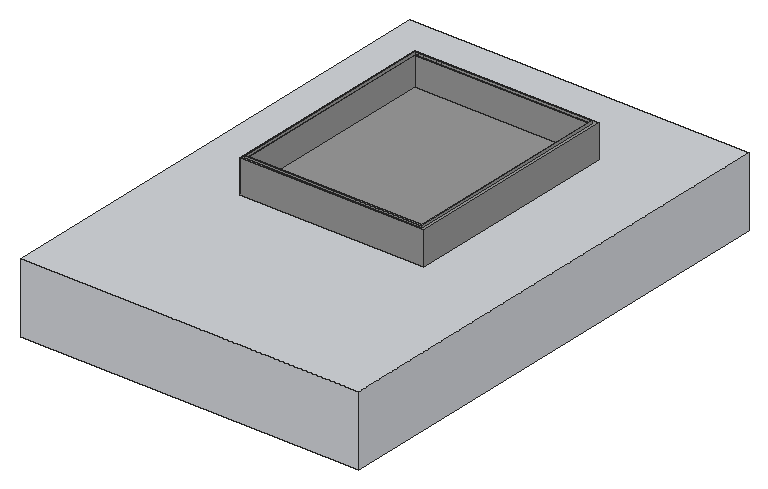
Revit family "Hager-Univers-IP30-D160-Cl.II-FWQ-encl-NL-en", category Equipement électrique, Revit 2020
Family settings
  Hôte = Face
  Configuration du panneau = Deux colonnes, circuits au sein
  Cote de connecteur circulaire = Utiliser le diamètre
  Type d'élément = Tableau de raccordement
  Couper avec des vides une fois chargée = Non
  Partagée = Non
  Point de calcul de pièce = Non
Parameters (values of type "Surface mounted (plaster) IP30 W800 H950 D160  - FWQ63N1")
  Width Control [instance] = if([EF000008 - Width] > Min Width, [EF000008 - Width], Min Width)  # 800 mm
  Commentaires du type = [HG000003 - Range]  # "Univers"
  Thickness Door [instance] = if([EF009171 - Material plate thickness door/cover] > 3 mm, 3 mm, [EF009171 - Material plate thickness door/cover])  # 2 mm
  Seal Frame Offset [instance] = 17 mm  # constant formula
  Plinth Visibility [instance] = [HG000027 - Plinth height] > 0 mm  # no
  Model = ""
  Min Width [instance] = 100 mm  # constant formula
  Min Height [instance] = 100 mm  # constant formula
  Min Depth [instance] = (2 * [EF009170 - Material plate thickness cabinet]) + 1 mm  # 5 mm
  Internal Frame Depth [instance] = (Door System Depth * 0.5)  # 9 mm
  Height Control [instance] = if([EF000040 - Height] > Min Height, [EF000040 - Height], Min Height)  # 950 mm
  HG000027 - Plinth height = 0 mm
  HG000026 - Floor standing = no
  HG000024 - Bottom section height = 800 mm
  HG000023 - Double section enclosure = no
  HG000016 - Door 3d visibility [instance] = yes
  HG000015 - Clearance visibility [instance] = no
  HG000014 - Door on the right [instance] = yes
  HG000013 - Door on the left [instance] = not([HG000014 - Door on the right])  # no
  HG000012 - Door swing angle [instance] = 30.00°
  HG000010 - Asymmetric doors = no
  HG000009 - Double swing door = no
  HG000006 - Flush mounted = no
  HG000004 - Manufacturer reference = "FWQ63N1"
  HG000003 - Range = "Univers"
  HG000002 - With door or cover = no
  Frame Offset Bottom [instance] = 10 mm  # constant formula
  Frame Offset [instance] = 15 mm  # constant formula
  EF015940 - Cover with overpressure release = no
  EF011959 - Degree of protection (NEMA) = ""
  EF009554 - Number of openings for flange plates = 6
  EF009212 - Cover model = "EV009916 - With notch"
  EF009171 - Material plate thickness door/cover = 2 mm
  EF009170 - Material plate thickness cabinet = 2 mm
  Fabricant = "Hager"  # constant formula
  EF008873 - Nominal current (In) = 125 A
  EF007800 - Suitable for lightning protection = no
  EF006306 - With lock = no
  EF006244 - Transparent cover/door = no
  EF005474 - Degree of protection (IP) = "EV006410 - IP30"
  EF004464 - Type of door = "EV002646 - Single"
  EF004427 - Number of modules = 144
  EF004293 - Impact strength = "EV006815 - IK09"
  EF003532 - Suitable for outdoor use = no
  EF002950 - Width in number of modular spacings = 36
  EF001613 - Circuit integrity = "EV000494 - None"
  EF001596 - Material housing = "EV000179 - Steel"
  EF001131 - Internal depth = 160 mm
  EF001088 - Extension possible = yes
  EF000437 - Number of conduit inlets = 12
  EF000339 - Type of cover = "EV001012 - Cover"
  EF000266 - Number of rows = 3
  EF000218 - Built-in depth = 0 mm
  EF000118 - With mounting plate = yes
  EF000116 - RAL-number = "9010"
  EF000049 - Depth = 160 mm
  EF000040 - Height = 950 mm
  EF000008 - Width = 800 mm
  EF000007 - Colour = "EV000202 - White"
  EF000003 - Mounting method = "EV000384 - Surface mounted (plaster)"
  Door System Leaf Tolerance [instance] = 1.5 mm  # constant formula
  Door System Depth [instance] = 18 mm  # constant formula
  Door Height [instance] = Height Control - [HG000027 - Plinth height]  # 950 mm
  Depth Control [instance] = if([EF000049 - Depth] > Min Depth, [EF000049 - Depth], Min Depth)  # 160 mm
  Default Elevation = 0 mm
  Connector Offset [instance] = Height Control / 2  # 475 mm
  Bottom Top Plate Trim [instance] = 1.5 mm  # constant formula
  Plinth height Ctrl [instance] = if([HG000027 - Plinth height] > 0 mm, [HG000027 - Plinth height], 12 mm)  # 12 mm
Types (20, lengths in mm): name | Width Control | Height Control | HG000004 - Manufacturer reference | EF009554 - Number of openings for flange plates | EF004464 - Type of door | EF004427 - Number of modules | EF004293 - Impact strength | EF002950 - Width in number of modular spacings | EF001131 - Internal depth | EF000437 - Number of conduit inlets | EF000339 - Type of cover | EF000266 - Number of rows | EF000118 - With mounting plate | EF000040 - Height | EF000008 - Width | Door Height | Connector Offset
  Surface mounted (plaster) IP30 W1050 H1100 D160  - FWQ74N1 | 1050 | 1100 | "FWQ74N1" | 8 | "EV002646 - Single" | 336 | "EV006815 - IK09" | 48 | 160 | 16 | "EV001012 - Cover" | 7 | yes | 1100 | 1050 | 1100 | 550
  Surface mounted (plaster) IP30 W1050 H650 D160  - FWQ34D1 | 1050 | 650 | "FWQ34D1" | 8 | "EV002646 - Single" | 192 | "EV006815 - IK09" | 48 | 160 | 16 | "EV001012 - Cover" | 16 | yes | 650 | 1050 | 650 | 325
  Surface mounted (plaster) IP30 W1050 H650 D160  - FWQ44D1 | 1050 | 650 | "FWQ44D1" | 8 | "EV002646 - Single" | 192 | "" | 48 | 160 | 16 | "EV001012 - Cover" | 16 | yes | 650 | 1050 | 650 | 325
  Surface mounted (plaster) IP30 W1050 H800 D160  - FWQ54D1 | 1050 | 800 | "FWQ54D1" | 8 | "EV002646 - Single" | 240 | "" | 48 | 160 | 16 | "EV001012 - Cover" | 20 | yes | 800 | 1050 | 800 | 400
  Surface mounted (plaster) IP30 W300 H650 D160  - FWQ41D1 | 300 | 650 | "FWQ41D1" | 2 | "EV002646 - Single" | 48 | "" | 12 | 160 | 4 | "EV001012 - Cover" | 4 | yes | 650 | 300 | 650 | 325
  Surface mounted (plaster) IP30 W300 H950 D160  - FWQ61D1 | 300 | 950 | "FWQ61D1" | 2 | "EV002646 - Single" | 72 | "" | 12 | 160 | 4 | "EV001012 - Cover" | 6 | yes | 950 | 300 | 950 | 475
  Surface mounted (plaster) IP30 W550 H1100 D160  - FWQ72D1 | 550 | 1100 | "FWQ72D1" | 4 | "EV002646 - Single" | 168 | "" | 12 | 160 | 8 | "EV001012 - Cover" | 14 | yes | 1100 | 550 | 1100 | 550
  Surface mounted (plaster) IP30 W550 H1100 D160  - FWQ72N1 | 550 | 1100 | "FWQ72N1" | 4 | "EV002646 - Single" | 168 | "EV006815 - IK09" | 24 | 160 | 8 | "EV001012 - Cover" | 7 | yes | 1100 | 550 | 1100 | 550
  Surface mounted (plaster) IP30 W550 H650 D160  - FWQ42D1 | 550 | 650 | "FWQ42D1" | 4 | "EV002646 - Single" | 96 | "" | 24 | 160 | 8 | "EV001012 - Cover" | 8 | yes | 650 | 550 | 650 | 325
  Surface mounted (plaster) IP30 W550 H800 D160  - FWQ52D1 | 550 | 800 | "FWQ52D1" | 4 | "EV002646 - Single" | 120 | "" | 24 | 160 | 8 | "EV001012 - Cover" | 10 | yes | 800 | 550 | 800 | 400
  Surface mounted (plaster) IP30 W550 H800 D160  - FWQ52N1 | 550 | 800 | "FWQ52N1" | 4 | "EV002646 - Single" | 120 | "EV006815 - IK09" | 24 | 160 | 8 | "EV001012 - Cover" | 5 | yes | 800 | 550 | 800 | 400
  Surface mounted (plaster) IP30 W550 H950 D160  - FWQ62D1 | 550 | 950 | "FWQ62D1" | 4 | "EV002646 - Single" | 144 | "" | 24 | 160 | 8 | "EV001012 - Cover" | 12 | yes | 950 | 550 | 950 | 475
  Surface mounted (plaster) IP30 W550 H950 D160  - FWQ62N1 | 550 | 950 | "FWQ62N1" | 4 | "EV002646 - Single" | 96 | "EV006815 - IK09" | 24 | 160 | 8 | "EV001012 - Cover" | 2 | yes | 950 | 550 | 950 | 475
  Surface mounted (plaster) IP30 W800 H1100 D160  - FWQ73N1 | 800 | 1100 | "FWQ73N1" | 6 | "EV002646 - Single" | 252 | "EV006815 - IK09" | 36 | 160 | 12 | "EV001012 - Cover" | 7 | yes | 1100 | 800 | 1100 | 550
  Surface mounted (plaster) IP30 W800 H500 D160  - FWQ33D1 | 800 | 500 | "FWQ33D1" | 6 | "EV000494 - None" | 108 | "" | 36 | 156 | 12 | "EV000494 - None" | 9 | no | 500 | 800 | 500 | 250
  Surface mounted (plaster) IP30 W800 H650 D160  - FWQ43D1 | 800 | 650 | "FWQ43D1" | 6 | "EV002646 - Single" | 144 | "" | 36 | 160 | 12 | "EV001012 - Cover" | 12 | yes | 650 | 800 | 650 | 325
  Surface mounted (plaster) IP30 W800 H800 D160  - FWQ53D1 | 800 | 800 | "FWQ53D1" | 6 | "EV002646 - Single" | 180 | "" | 36 | 160 | 12 | "EV001012 - Cover" | 15 | yes | 800 | 800 | 800 | 400
  Surface mounted (plaster) IP30 W800 H800 D160  - FWQ53N1 | 800 | 800 | "FWQ53N1" | 6 | "EV002646 - Single" | 180 | "EV006815 - IK09" | 36 | 160 | 12 | "EV001012 - Cover" | 5 | yes | 800 | 800 | 800 | 400
  Surface mounted (plaster) IP30 W800 H950 D160  - FWQ63D1 | 800 | 950 | "FWQ63D1" | 6 | "EV002646 - Single" | 216 | "" | 36 | 160 | 12 | "EV001012 - Cover" | 18 | yes | 950 | 800 | 950 | 475
  Surface mounted (plaster) IP30 W800 H950 D160  - FWQ63N1 | 800 | 950 | "FWQ63N1" | 6 | "EV002646 - Single" | 144 | "EV006815 - IK09" | 36 | 160 | 12 | "EV001012 - Cover" | 3 | yes | 950 | 800 | 950 | 475
Reference planes
  plane 1 "Center (Front/Back)": y = 0
  plane 2: z = 0
  plane 3 "Center (Left/Right)": x = 0
  plane 4: z = 160
  plane 5: y = 2
  plane 6: y = 475
  plane 7: y = 0
  plane 8: y = 950
  plane 9: z = 0
  plane 10: x = -385
  plane 11: x = 385
  plane 12: x = 383
  plane 13: x = -383
  plane 14: y = 948
  plane 15: x = -383
  plane 16: x = -400
  plane 17: x = 383
  plane 18: x = 400
  plane 19: x = 398
  plane 20: x = -398
  plane 21: y = 12
  plane 22: y = 950
  plane 23: y = 933
  plane 24: z = 142
  plane 25: z = 2
  plane 26: z = 140
  plane 27: z = 158
Forms (mm)
  Extrusion 1, solid
    sketch origin (0, 0, 0) x (1, 0, 0) y (0, 1, 0)
      loop
        line (-702.964, 1305) -> (-702.964, -811.445) -> (766.763, -811.445) -> (766.763, 1305) -> (-702.964, 1305)
    from 0 to -304.8
  Extrusion 2, solid, material "Hager_Steel_RAL7035_Light_Grey", visible <- "Plinth Visibility", detail levels medium+fine
    sketch origin (0, 0, 0) x (1, 0, 0) y (0, 1, 0)
      loop
        line (-400, 0) -> (400, 0) -> (400, 12) -> (-400, 12) -> (-400, 0)
    from 0 to 142
  Extrusion 3, solid, material "Hager_Steel_RAL7035_Light_Grey", detail levels medium+fine
    sketch origin (0, 0, 0) x (1, 0, 0) y (0, 1, 0)
      loop
        line (-400, 0) -> (400, 0) -> (400, 950) -> (-400, 950) -> (-400, 0)
    from 0 to 142
  Extrusion 4, void
    sketch origin (0, 0, 0) x (1, 0, 0) y (0, 1, 0)
      loop
        line (-398, 2) -> (398, 2) -> (398, 948) -> (-398, 948) -> (-398, 2)
    from 2 to 140
  Extrusion 5, void
    sketch origin (-381.607, -4572, 142) x (0, -1, 0) y (-1, 0, 0)
      loop
        line (-4584, 1.393) -> (-5505, 1.393) -> (-5505, -764.607) -> (-4584, -764.607) -> (-4584, 1.393)
    from 0 to 2 <- "EF009170 - Material plate thickness cabinet"
  Extrusion 6, solid, material "Hager_Steel_RAL7035_Light_Grey", detail levels fine
    sketch origin (0, 0, 142) x (1, 0, 0) y (0, 1, 0)
      loop
        line (-383, 933) -> (-383, 12) -> (383, 12) -> (383, 933) -> (-383, 933)
      loop
        line (-385, 10) -> (385, 10) -> (385, 935) -> (-385, 935) -> (-385, 10)
    from 0 to 9 <- "Internal Frame Depth"
  Extrusion 7, solid, material "Hager_Steel_RAL7035_Light_Grey", detail levels coarse
    sketch origin (0, 0, 0) x (1, 0, 0) y (0, 1, 0)
      loop
        line (-400, 0) -> (400, 0) -> (400, 950) -> (-400, 950) -> (-400, 0)
    from 0 to 160
  Sweep 8, void
    path in 3D
      loop
        line (-400, 12, 0) -> (400, 12, 0) -> (400, 12, 142) -> (-400, 12, 142) -> (-400, 12, 0)
    profile origin (-400, 12, 71) x (-1, 0, 0) y (0, -1, 0)
      loop
        line (0, 0) -> (0, 1.5) -> (-1.5, 1.5)
        arc (-1.5, 1.5) -> (-1.061, 0.439) -> (0, 0) r 1.5
Cuts and joins
  Extrusion 4, Extrusion 5 cuts Extrusion 3
  Sweep 8 cuts Extrusion 2
Lines and regions (mm)
  Masking region 1
    outline origin (0, 0, 0) x (1, 0, 0) y (0, 0, 1)
      loop
        line (-400, 160) -> (-400, 0) -> (400, 0) -> (400, 160) -> (-400, 160)
  Masking region 2, detail levels medium+fine
    outline origin (0, 140, 0) x (0, 1, 0) y (0, 0, 1)
      loop
        line (-140, 0) -> (810, 0) -> (810, 142) -> (-140, 142) -> (-140, 0)
  Masking region 3, not visible, detail levels medium+fine
    outline origin (0, 297.922, 0) x (0, 1, 0) y (0, 0, 1)
      loop
        line (188.578, 0) -> (228.578, 0) -> (228.578, 148)
        arc (228.578, 148) -> (225.649, 155.071) -> (218.578, 158) r 10
        line (218.578, 158) -> (188.578, 158) -> (188.578, 0)
  Masking region 4, detail levels coarse
    outline origin (0, 0, 180) x (0, 1, 0) y (0, 0, 1)
      loop
        line (0, -180) -> (950, -180) -> (950, -20) -> (0, -20) -> (0, -180)
  Masking region 5, visible <- "Plinth Visibility", detail levels medium+fine
    outline origin (0, 52.24, 12.345) x (0, 0, -1) y (0, 1, 0)
      loop
        line (10.845, -40.24) -> (-128.155, -40.24)
        arc (-128.155, -40.24) -> (-128.594, -41.301) -> (-129.655, -41.74) r 1.5
        line (-129.655, -41.74) -> (-129.655, -52.24) -> (12.345, -52.24) -> (12.345, -41.74)
        arc (12.345, -41.74) -> (11.285, -41.301) -> (10.845, -40.24) r 1.5
  Masking region 6, detail levels medium+fine
    outline origin (-381.607, -4572, 142) x (-1, 0, 0) y (0, -1, 0)
      loop
        line (18.393, -5522) -> (18.393, -4572) -> (-781.607, -4572) -> (-781.607, -5522) -> (18.393, -5522)
  Masking region 7, visible <- "Plinth Visibility", detail levels medium+fine
    outline origin (-381.607, -4727, 142) x (-1, 0, 0) y (0, -1, 0)
      loop
        arc (16.893, -4739) -> (17.332, -4737.939) -> (18.393, -4737.5) r 1.5
        line (18.393, -4737.5) -> (18.393, -4727) -> (-781.607, -4727) -> (-781.607, -4737.5)
        arc (-781.607, -4737.5) -> (-780.546, -4737.939) -> (-780.107, -4739) r 1.5
        line (-780.107, -4739) -> (16.893, -4739)
  Masking region 8, detail levels coarse
    outline origin (-442.548, -4669.526, 142) x (-1, 0, 0) y (0, -1, 0)
      loop
        line (-42.548, -5619.526) -> (-42.548, -4669.526) -> (-842.548, -4669.526) -> (-842.548, -5619.526) -> (-42.548, -5619.526)
  sketch lines
    curve 1: line (-400, 12, 142) -> (-400, 12, 0)
    curve 2: line (400, 12, 142) -> (-400, 12, 142)
    curve 3: line (400, 12, 142) -> (400, 12, 0)
    curve 4: line (-400, 12, 0) -> (400, 12, 0)
Dimensions and locks
  "Depth Control": plane 4 to Extrusion 1
  "HG000027 - Plinth height": plane 1 "Center (Front/Back)" to plane 7
  "EF009170 - Material plate thickness cabinet": plane 5 to plane 7
  locked: connector elem to plane 3 "Center (Left/Right)"
  equal spacing: plane 8, plane 6, plane 7
  locked: connector elem to plane 6
  "EF009170 - Material plate thickness cabinet": plane 8 to plane 14
  "EF009170 - Material plate thickness cabinet": plane 10 to plane 13
  "EF009170 - Material plate thickness cabinet": plane 12 to plane 11
  "Frame Offset": plane 20 to plane 13
  "Frame Offset": plane 12 to plane 19
  "EF009170 - Material plate thickness cabinet": plane 16 to plane 20
  "EF009170 - Material plate thickness cabinet": plane 19 to plane 18
  "Seal Frame Offset": plane 16 to plane 15
  "Seal Frame Offset": plane 17 to plane 18
  "Frame Offset Bottom": plane 21 to plane 5
  "Frame Offset": plane 14 to plane 23
  equal spacing: plane 16, plane 3 "Center (Left/Right)", plane 18
  "Width Control": plane 16 to plane 18
  "EF009170 - Material plate thickness cabinet": plane 4 to plane 27
  "EF009170 - Material plate thickness cabinet": plane 24 to plane 26
  "EF009170 - Material plate thickness cabinet": plane 25 to level
  "Door System Depth": plane 4 to plane 24
  "Height Control": plane 1 "Center (Front/Back)" to Extrusion 7 sketch curve
  "Height Control": Masking region 4 sketch curve to plane 1 "Center (Front/Back)"
  "Height Control": plane 1 "Center (Front/Back)" to plane 22
  "Bottom Top Plate Trim": profile plane to Sweep 8 sketch curve
  "Bottom Top Plate Trim": Sweep 8 sketch curve to profile plane
  "Plinth height Ctrl": plane 1 "Center (Front/Back)" to Extrusion 2 sketch curve
  "Plinth height Ctrl": Masking region 5 sketch curve to plane 1 "Center (Front/Back)"
  "Plinth height Ctrl": plane 1 "Center (Front/Back)" to Masking region 7 sketch curve
  "Thickness Door": Extrusion 6 sketch curve to Extrusion 6 sketch curve  (x3)
  "Thickness Door": cut or joined group of Extrusion 3, Extrusion 4, Extrusion 5 to Extrusion 6 sketch curve
  radius of Masking region 3 sketch curve = 10 mm
  "Bottom Top Plate Trim": radius of Masking region 5 sketch curve  (x2)
  "Bottom Top Plate Trim": radius of Sweep 8 sketch curve
  "Bottom Top Plate Trim": radius of Masking region 7 sketch curve  (x2)
  aligned and locked: plane 2 to Extrusion 1
  aligned and locked: level to Extrusion 1
  aligned and locked: level to Masking region 1 sketch curve
  aligned and locked: Masking region 1 sketch curve to plane 18
  aligned and locked: Masking region 1 sketch curve to plane 16
  aligned and locked: plane 7 to Masking region 2 sketch curve
  aligned and locked: level to Masking region 3 sketch curve
  aligned and locked: Masking region 3 sketch curve to plane 27
  aligned and locked: level to Masking region 2 sketch curve
  aligned and locked: plane 1 "Center (Front/Back)" to Extrusion 2 sketch curve
  aligned and locked: Extrusion 3 sketch curve to plane 7
  aligned and locked: plane 16 to Extrusion 3 sketch curve
  aligned and locked: plane 18 to Extrusion 3 sketch curve
  aligned and locked: plane 20 to Extrusion 4 sketch curve
  aligned and locked: plane 19 to Extrusion 4 sketch curve
  aligned and locked: Extrusion 4 sketch curve to plane 5
  aligned and locked: Extrusion 4 to plane 25
  aligned and locked: plane 26 to Extrusion 4
  aligned and locked: plane 24 to Extrusion 3
  aligned and locked: Extrusion 5 sketch curve to plane 21
  aligned and locked: Extrusion 5 sketch curve to plane 13
  aligned and locked: Extrusion 5 sketch curve to plane 12
  aligned and locked: plane 18 to Extrusion 7 sketch curve
  aligned and locked: plane 1 "Center (Front/Back)" to Extrusion 7 sketch curve
  aligned and locked: plane 16 to Extrusion 7 sketch curve
  aligned and locked: plane 4 to Extrusion 7
  aligned and locked: Extrusion 7 to level
  aligned and locked: level to Masking region 4 sketch curve
  aligned and locked: Masking region 4 sketch curve to plane 1 "Center (Front/Back)"
  aligned and locked: Masking region 4 sketch curve to plane 4
  aligned and locked: nested 1 to level
  aligned and locked: nested 1 to plane 16
  aligned and locked: plane 8 to Extrusion 3 sketch curve
  aligned and locked: plane 23 to Extrusion 5 sketch curve
  aligned and locked: plane 14 to Extrusion 4 sketch curve
  aligned and locked: Masking region 2 sketch curve to plane 8
  aligned and locked: level to Masking region 5 sketch curve
  aligned and locked: plane 16 to Extrusion 2 sketch curve
  aligned and locked: plane 18 to Extrusion 2 sketch curve
  aligned and locked: Masking region 5 sketch curve to plane 24
  aligned and locked: Masking region 2 sketch curve to plane 24
  aligned and locked: plane 24 to Extrusion 2
  aligned and locked: profile plane to Sweep 8 sketch curve  (x2)
  aligned and locked: Masking region 6 sketch curve to plane 18
  aligned and locked: Masking region 6 sketch curve to plane 22
  aligned and locked: Masking region 6 sketch curve to plane 16
  aligned and locked: plane 8 to plane 22
  aligned and locked: Masking region 6 sketch curve to plane 7
  aligned and locked: Masking region 7 sketch curve to plane 16
  aligned and locked: Masking region 7 sketch curve to plane 1 "Center (Front/Back)"
  aligned and locked: Masking region 7 sketch curve to plane 18
  aligned and locked: Masking region 8 sketch curve to plane 1 "Center (Front/Back)"
  aligned and locked: Masking region 8 sketch curve to plane 18
  aligned and locked: Masking region 8 sketch curve to plane 22
  aligned and locked: Masking region 8 sketch curve to plane 16
  aligned and locked: nested 2 to plane 7
  aligned and locked: plane 3 "Center (Left/Right)" to nested 2
  aligned and locked: nested 2 to plane 24
  aligned and locked: Extrusion 6 sketch curve to cut or joined group of Extrusion 3, Extrusion 4, Extrusion 5  (x4)
Automatic sketch dimensions
  Extrusion 1 sketch curve to Extrusion 1 sketch curve = 1469.727 mm
  Extrusion 1 sketch curve to Extrusion 1 sketch curve = 2116.445 mm
  Masking region 1 sketch curve to plane 4 = 0 mm
  plane 6 to Masking region 3 sketch curve = 11.5 mm
  Masking region 3 sketch curve to Masking region 3 sketch curve = 30 mm
  Masking region 5 sketch curve to plane 1 "Center (Front/Back)" = 0 mm
Nested families
  nested 1: "Hager_Enclosure_Symbol" at (-400, 0, 0) x (1, 0, 0) z (0, -1, 0), Height <- "Depth Control", Width <- "Width Control", type "Hager_Enclosure_Symbol"
    with Width_Ctrl 800 mm, Width 800 mm, Height_Ctrl 160 mm, Height 160 mm, A_Width_Int 10.5 mm, A_Width 126 mm, A_Height_Ctrl 140 mm, A_Height 140 mm
  nested 2: "EC000058_Univers_Door" at (0, 0, 142) x (1, 0, 0) z (0, 1, 0), Leaf_Tolerance <- "Door System Leaf Tolerance", Angle <- "HG000012 - Door swing angle", Door_Depth <- "Door System Depth", Door_Left <- "HG000013 - Door on the left", Transparent <- "EF006244 - Transparent cover/door", Assymetrical <- "HG000010 - Asymmetric doors", Width <- "Width Control", Clearance <- "HG000015 - Clearance visibility", Double <- "HG000009 - Double swing door", 3d_Door <- "HG000016 - Door 3d visibility", Lock_Visibility <- "EF006306 - With lock", Width_Ctrl <- "Width Control", Door_Right <- "HG000014 - Door on the right", Door <- "HG000002 - With door or cover", Height <- "Door Height", Thickness <- "Thickness Door", type "EC000058_Univers_Door", detail levels medium+fine
    with min_wh 5 mm, Width_Ctrl 800 mm, Width 800 mm, Transparent no, Thickness 2 mm, Seal_Material Hager_Rubber, Lock_Visibility no, Lock_Material Hager_Plastic_RAL9005_Jet_Black, Leaf_Width 800 mm, Leaf_Tolerance_External_Sides 0 mm, Leaf_Tolerance 1.5 mm, Leaf_Offset 0 mm, Leaf_Height 947 mm, Leaf_2_Width 800 mm, Leaf_2_Offset 400 mm, Leaf_1_Width 800 mm, Leaf_1_Offset 400 mm, Height_Ctrl 950 mm, Height 950 mm, Glass_Material Hager_Glass, Double_Clearance_Ctrl no, Double no, Door_Right_Ctrl no, Door_Right yes, Door_Material Hager_Steel_RAL7035_Light_Grey, Door_Left_Ctrl no, Door_Left no, Door_Depth 18 mm, Door no, Clearance_Material Hager_Clearance, Clearance_Depth 800 mm, Clearance_Ctrl no, Clearance no, Assymetrical no, Angle 30.00°, 3d_Door yes
Connectors
  electrical at (0, 475, 0)
    settings: on plane 9, index 1, voltage 0 V, apparent load 0 VA, apparent load phase1 0 VA, apparent load phase2 0 VA, apparent load phase3 0 VA, power factor 1, load classification "Other", number of poles 1, system type 30, power factor state 1, is connector primary yes, connector utility no, sub classification motor no, connector description ""
Definition of nested family "Hager_Enclosure_Symbol"
  Parameters (values of type "Hager_Enclosure_Symbol")
    Width_Ctrl [instance] = if(Width > 1 mm, Width, 1 mm)  # 102.27 mm
    Width [instance] = 102.27 mm
    Height_Ctrl [instance] = if(Height > 1 mm, Height, 1 mm)  # 66.5 mm
    A_Width_Int [instance] = if(A_Width / 12 > 2 mm, A_Width / 12, 2 mm)  # 4.364 mm
    A_Width [instance] = if(A_Height_Ctrl * 0.9 > 2 mm, A_Height_Ctrl * 0.9, 2 mm)  # 52.369 mm
    A_Height_Ctrl [instance] = if(A_Height > 2 mm, A_Height, 2 mm)  # 58.188 mm
    Height [instance] = 66.5 mm
    A_Height [instance] = Height - (Height / 8)  # 58.188 mm
  Reference planes
    plane 1 "Centre (avant/arrière)": y = 0
    plane 2: z = 0
    plane 3 "Centre (gauche/droite)": x = 0
    plane 4: x = 52.369
    plane 5: y = 33.042
    plane 6: y = 41.77
    plane 7: y = 66.5
    plane 8: x = 26.184
    plane 9: y = 37.406
    plane 10: x = 102.27
    plane 11: y = 66.5
    plane 12: y = 8.313
  Lines and regions (mm)
    Filled region 1, type "Solid_Black", in view "Niveau de réf."
      outline origin (0, 0, 0) x (1, 0, 0) y (0, 1, 0)
        loop
          line (52.369, 66.5) -> (33.188, 54.536) -> (45.365, 45.006) -> (52.369, 66.5)
    Filled region 2, type "Solid_Black", in view "Niveau de réf."
      outline origin (0, 0, 0) x (1, 0, 0) y (0, 1, 0)
        loop
          line (0, 0) -> (102.27, 0) -> (102.27, 66.5) -> (0, 0)
    detail lines, in view "Niveau de réf."
      curve 1: line (0, 8.313, 0) -> (26.184, 41.77, 0)
      curve 2: line (26.184, 41.77, 0) -> (26.184, 33.042, 0)
      curve 3: line (26.184, 33.042, 0) -> (52.369, 66.5, 0)
  Dimensions and locks
    "A_Width": plane 3 "Centre (gauche/droite)" to plane 4
    equal spacing: plane 3 "Centre (gauche/droite)", plane 8, plane 4
    equal spacing: plane 6, plane 9, plane 5
    equal spacing: curve 3, Filled region 1 sketch curve, Filled region 1 sketch curve
    "Height_Ctrl": plane 1 "Centre (avant/arrière)" to plane 11
    "A_Height_Ctrl": plane 11 to plane 12
    equal spacing: plane 11, plane 9, plane 12
    "A_Width_Int": plane 6 to plane 9
    "Width_Ctrl": plane 3 "Centre (gauche/droite)" to plane 10
    angle Filled region 1 sketch curve to curve 3 = 20.00°
    angle curve 3 to Filled region 1 sketch curve = 20.00°
    locked: curve 3 to Filled region 1 sketch curve (angle 90.00°)
    aligned and locked: plane 10 to Filled region 2
    aligned and locked: plane 11 to Filled region 2 sketch curve
    aligned and locked: plane 10 to Filled region 2 sketch curve
    aligned and locked: plane 3 "Centre (gauche/droite)" to curve 1
    aligned and locked: plane 12 to curve 1
    aligned and locked: plane 7 to plane 11
  Automatic sketch dimensions
    Filled region 1 sketch curve to plane 4 = 0 mm
    Filled region 1 sketch curve to plane 7 = 0 mm
    plane 1 "Centre (avant/arrière)" to Filled region 2 sketch curve = 0 mm
    Filled region 2 sketch curve to plane 3 "Centre (gauche/droite)" = 0 mm
    curve 2 to plane 6 = 0 mm
    curve 2 to plane 8 = 0 mm
    curve 3 to plane 4 = 0 mm
    curve 2 to plane 5 = 0 mm
    curve 3 to plane 7 = 0 mm
Definition of nested family "EC000058_Univers_Door"
  Parameters (values of type "EC000058_Univers_Door")
    min_wh [instance] = (2 * Thickness) + 1 mm  # 11 mm
    Width_Ctrl [instance] = 400 mm
    Width [instance] = 500 mm
    Transparent [instance] = yes
    Thickness [instance] = 5 mm
    Seal_Material [instance] = none
    Lock_Visibility [instance] = yes
    Lock_Material [instance] = none
    Leaf_Width [instance] = if((Width_Ctrl - 2 * Leaf_Tolerance_External_Sides) > 0 mm, (Width_Ctrl - 2 * Leaf_Tolerance_External_Sides), min_wh)  # 400 mm
    Leaf_Tolerance_External_Sides [instance] = 0 mm  # constant formula
    Leaf_Tolerance [instance] = 1.5 mm
    Leaf_Offset [instance] = 0 mm  # constant formula
    Leaf_Height [instance] = if((Height_Ctrl - 2 * Leaf_Tolerance) > 0 mm, (Height_Ctrl - 2 * Leaf_Tolerance), min_wh)  # 497 mm
    Leaf_2_Width [instance] = if(and(and(Double, Assymetrical), Door_Left), (Leaf_Width / 3) - (Leaf_Tolerance / 2), if(and(and(Double, Assymetrical), Door_Right), (Leaf_Width / 3) * 2 - (Leaf_Tolerance / 2), if(and(Double, not(Assymetrical)), (Leaf_Width / 2) - Leaf_Tolerance, Leaf_Width)))  # 400 mm
    Leaf_2_Offset [instance] = if(and(Double, Assymetrical), Leaf_2_Width / 2, if(and(Double, not(Assymetrical)), Leaf_Width / 4, Leaf_Width / 2))  # 200 mm
    Leaf_1_Width [instance] = if(and(and(Double, Assymetrical), Door_Right), (Leaf_Width / 3) - (Leaf_Tolerance / 2), if(and(and(Double, Assymetrical), Door_Left), (Width / 3) * 2 - (Leaf_Tolerance / 2), if(and(Double, not(Assymetrical)), (Leaf_Width / 2) - Leaf_Tolerance, Leaf_Width)))  # 400 mm
    Leaf_1_Offset [instance] = if(and(Double, Assymetrical), Leaf_1_Width / 2, if(and(Double, not(Assymetrical)), Leaf_Width / 4, Leaf_Width / 2))  # 200 mm
    Height_Ctrl [instance] = if(Height > min_wh, Height, min_wh)  # 500 mm
    Height [instance] = 500 mm
    Glass_Material [instance] = none
    Double_Clearance_Ctrl [instance] = and(Double, Clearance)  # no
    Double [instance] = no
    Door_Right_Ctrl [instance] = and(or(Door_Right, Double), Door)  # yes
    Door_Right [instance] = yes
    Door_Material [instance] = none
    Door_Left_Ctrl [instance] = and(or(Door_Left, Double), Door)  # no
    Door_Left [instance] = no
    Door_Depth [instance] = 30 mm
    Door [instance] = yes
    Default Elevation = 1219.2 mm
    Clearance_Material [instance] = none
    Clearance_Depth [instance] = if(Leaf_1_Width > Leaf_2_Width, Leaf_1_Width, Leaf_2_Width)  # 400 mm
    Clearance_Ctrl [instance] = and(not(Double), Clearance)  # yes
    Clearance [instance] = yes
    Assymetrical [instance] = yes
    Angle [instance] = 30.00°
    3d_Door [instance] = yes
  Reference planes
    plane 1 "Center (Front/Back)": y = 0
    plane 2 "Bottom": z = 0
    plane 3 "Center (Left/Right)": x = 0
    plane 4: z = 500
    plane 5: x = -200
    plane 6: x = 200
    plane 7: z = 500
    plane 8: x = -200
    plane 9: z = 0
    plane 10: x = 200
    plane 11: y = 0
    plane 12: z = 1.5
    plane 13: x = -600
    plane 14: y = -400
    plane 15: x = 600
    plane 16: x = 0
    plane 17: x = 0
    plane 18: x = -200
    plane 19: x = 200
    plane 20: z = 498.5
  Forms (mm)
    Extrusion 1, solid, material <- "Clearance_Material", visible <- "Double_Clearance_Ctrl"
      sketch origin (1200, 0, 0) x (1, 0, 0) y (0, 0, -1)
        loop
          line (-1800, -498.5) -> (-600, -498.5) -> (-600, 0) -> (-1800, 0) -> (-1800, -498.5)
      from 0 to -400
  Dimensions and locks
    equal spacing: plane 5, plane 3 "Center (Left/Right)", plane 6
    "Width_Ctrl": plane 5 to plane 6
    "Leaf_Offset": plane 5 to plane 8
    "Leaf_Offset": plane 6 to plane 10
    "Leaf_Offset": plane 9 to level
    "Leaf_Offset": plane 4 to plane 7
    "Height_Ctrl": plane 4 to level
    "Leaf_Tolerance": plane 12 to plane 9
    locked: plane 11 to plane 1 "Center (Front/Back)"
    "Leaf_1_Offset": plane 18 to plane 16
    "Leaf_2_Offset": plane 17 to plane 19
    "Leaf_1_Width": plane 13 to plane 8
    "Leaf_2_Width": plane 10 to plane 15
    "Clearance_Depth": plane 14 to plane 1 "Center (Front/Back)"
    "Leaf_Tolerance_External_Sides": plane 8 to plane 18
    "Leaf_Tolerance_External_Sides": plane 19 to plane 10
    "Leaf_Tolerance": plane 7 to plane 20
    aligned and locked: level to plane 2 "Bottom"
    aligned and locked: nested 1 to plane 16
    aligned and locked: nested 2 to plane 17
    aligned and locked: Extrusion 1 to plane 13
    aligned and locked: plane 15 to Extrusion 1
    aligned and locked: Extrusion 1 to plane 14
    aligned and locked: plane 12 to nested 1
    aligned and locked: nested 2 to plane 12
    aligned and locked: Extrusion 1 to plane 11
    aligned and locked: plane 20 to Extrusion 1
    aligned and locked: nested 2 to plane 11
    aligned and locked: nested 1 to plane 11
  Automatic sketch dimensions
    Extrusion 1 sketch curve to level = 0 mm
    plane 5 to Extrusion 1 sketch curve = 400 mm
    plane 6 to Extrusion 1 sketch curve = 400 mm
    Extrusion 1 sketch curve to plane 4 = 1.5 mm
  Nested families
    nested 1: "EC000058_Univers_Door_Leaf" at (0, 0, 1.5), Width <- "Leaf_1_Width", visible <- "Door_Left_Ctrl", Leaf_Height <- "Leaf_Height", Angle <- "Angle", 3d_Door <- "3d_Door", Transparent <- "Transparent", Clearance Material <- "Clearance_Material", Clearance <- "Clearance_Ctrl", Door_Material <- "Door_Material", Glass_Material <- "Glass_Material", Door_Depth <- "Door_Depth", Lock_Material <- "Lock_Material", Seal_Material <- "Seal_Material", Lock_Visibility <- "Lock_Visibility", Thickness <- "Thickness", type "EC000058_Univers_Door_Leaf"
      with Width 400 mm, Transparent_Glass_Offset 30 mm, Transparent_Ctrl yes, Transparent yes, Thickness 5 mm, Standard no, Seal_Material none, Seal_D2 8 mm, Seal_D1 1 mm, Offset_Internal_Frame 10 mm, Lock_Width 20 mm, Lock_Visibility_3d yes, Lock_Visibility yes, Lock_Thickness_3 3 mm, Lock_Thickness_2 1 mm, Lock_Thickness_1 3 mm, Lock_Radius_Offset_2 16 mm, Lock_Radius_Offset_1 15 mm, Lock_Radius_2 5 mm, Lock_Radius 6 mm, Lock_Offset 5 mm, Lock_Material none, Lock_Height 80 mm, Lock_Cover_Top_Offset_2d 17 mm, Lock_Cover_Height -65 mm, Leaf_Height 497 mm, Internal_Seal_Thickness 8 mm, Internal_Seal_Depth_2 4.5 mm, Internal_Frame_Depth 25 mm, Glass_Thickness -1 mm, Glass_Offset -2 mm, Glass_Material none, Door_Material none, Door_Depth 30 mm, Clearance Material none, Clearance yes, Angle_Ctrl 30.00°, Angle 30.00°, 3d_Door yes
    nested 2: "EC000058_Univers_Door_Leaf" at (0, 0, 1.5) x (-1, 0, 0) z (0, 0, 1), Width <- "Leaf_2_Width", visible <- "Door_Right_Ctrl", Leaf_Height <- "Leaf_Height", Angle <- "Angle", 3d_Door <- "3d_Door", Transparent <- "Transparent", Clearance Material <- "Clearance_Material", Clearance <- "Clearance_Ctrl", Door_Material <- "Door_Material", Glass_Material <- "Glass_Material", Door_Depth <- "Door_Depth", Lock_Material <- "Lock_Material", Seal_Material <- "Seal_Material", Lock_Visibility <- "Lock_Visibility", Thickness <- "Thickness", type "EC000058_Univers_Door_Leaf"
      with Width 400 mm, Transparent_Glass_Offset 30 mm, Transparent_Ctrl yes, Transparent yes, Thickness 5 mm, Standard no, Seal_Material none, Seal_D2 8 mm, Seal_D1 1 mm, Offset_Internal_Frame 10 mm, Lock_Width 20 mm, Lock_Visibility_3d yes, Lock_Visibility yes, Lock_Thickness_3 3 mm, Lock_Thickness_2 1 mm, Lock_Thickness_1 3 mm, Lock_Radius_Offset_2 16 mm, Lock_Radius_Offset_1 15 mm, Lock_Radius_2 5 mm, Lock_Radius 6 mm, Lock_Offset 5 mm, Lock_Material none, Lock_Height 80 mm, Lock_Cover_Top_Offset_2d 17 mm, Lock_Cover_Height -65 mm, Leaf_Height 497 mm, Internal_Seal_Thickness 8 mm, Internal_Seal_Depth_2 4.5 mm, Internal_Frame_Depth 25 mm, Glass_Thickness -1 mm, Glass_Offset -2 mm, Glass_Material none, Door_Material none, Door_Depth 30 mm, Clearance Material none, Clearance yes, Angle_Ctrl 30.00°, Angle 30.00°, 3d_Door yes
  Definition of nested family "EC000058_Univers_Door_Leaf"
    Parameters (values of type "EC000058_Univers_Door_Leaf")
      Width [instance] = 2000 mm
      Transparent_Glass_Offset [instance] = 30 mm
      Transparent_Ctrl [instance] = and(Transparent, [3d_Door])  # yes
      Transparent [instance] = yes
      Thickness [instance] = 5 mm
      Standard [instance] = and(not(Transparent), [3d_Door])  # no
      Seal_Material [instance] = none
      Seal_D2 [instance] = 8 mm  # constant formula
      Seal_D1 [instance] = 1 mm  # constant formula
      Offset_Internal_Frame [instance] = 10 mm  # constant formula
      Lock_Width [instance] = 20 mm  # constant formula
      Lock_Visibility_3d [instance] = and(Lock_Visibility, [3d_Door])  # yes
      Lock_Visibility [instance] = yes
      Lock_Thickness_3 [instance] = 3 mm  # constant formula
      Lock_Thickness_2 [instance] = 1 mm  # constant formula
      Lock_Thickness_1 [instance] = 3 mm  # constant formula
      Lock_Radius_Offset_2 [instance] = Lock_Radius_Offset_1 + 1 mm  # 16 mm
      Lock_Radius_Offset_1 [instance] = 15 mm  # constant formula
      Lock_Radius_2 [instance] = Lock_Radius - 1 mm  # 5 mm
      Lock_Radius [instance] = 6 mm  # constant formula
      Lock_Offset [instance] = 5 mm  # constant formula
      Lock_Material [instance] = none
      Lock_Height [instance] = 80 mm  # constant formula
      Lock_Cover_Top_Offset_2d [instance] = Lock_Radius_Offset_2 + 1 mm  # 17 mm
      Lock_Cover_Height [instance] = -(Lock_Height - Lock_Radius_Offset_1)  # -65 mm
      Leaf_Height [instance] = 2720.336 mm
      Internal_Seal_Thickness [instance] = 8 mm  # constant formula
      Internal_Seal_Depth_2 [instance] = 4.5 mm  # constant formula
      Internal_Frame_Depth [instance] = if(Door_Depth - Thickness > 5 mm, Door_Depth - Thickness, 5 mm)  # 25 mm
      Glass_Thickness [instance] = if(Thickness > 15 mm, Glass_Offset + 10 mm, -1 mm)  # -1 mm
      Glass_Offset [instance] = if(Thickness > 15 mm, -(Thickness + 10 mm) / 2, -2 mm)  # -2 mm
      Glass_Material [instance] = none
      Door_Material [instance] = none
      Door_Depth [instance] = 30 mm
      Default Elevation = 0 mm
      Clearance Material [instance] = none
      Clearance [instance] = yes
      Angle_Ctrl [instance] = if(Angle > 180.00°, 180.00°, Angle)  # 90.00°
      Angle [instance] = 90.00°
      3d_Door [instance] = yes
    Reference planes
      plane 1 "Center (Front/Back)": y = 0
      plane 2: z = 0
      plane 3 "Center (Left/Right)": x = 0
      plane 4: y = 2000
      plane 5: x = -1000
      plane 6: x = 1000
      plane 7: x = -3000
      plane 8: z = 2720.336
      plane 9: z = 30
      plane 10: z = 2690.336
      plane 11: x = 970
      plane 12: x = -970
      plane 13: y = -3
      plane 14: z = 107.833
      plane 15: y = -5
      plane 16: y = -223.314
      plane 17: x = -1000
      plane 18: z = 1360.168
      plane 19: y = 30
    Forms (mm)
      Extrusion 1, solid, material <- "Clearance Material", visible <- "Clearance"
        sketch origin (0, 0, 0) x (1, 0, 0) y (0, 0, 1)
          loop
            line (-3000, 2720.336) -> (-3000, 0) -> (1000, 0) -> (1000, 2720.336) -> (-3000, 2720.336)
        from 0 to -2000
      Extrusion 2, solid, material <- "Door_Material", visible <- "Standard", detail levels medium+fine
        sketch origin (-1000, 0, 0) x (0, 1, 0) y (-1, 0, 0)
          loop
            line (0, 30) -> (0, 25) -> (2000, 25) -> (2000, 30) -> (0, 30)
        from 0 to 2720.336 <- "Leaf_Height"
      Extrusion 3, solid, material <- "Door_Material", visible <- "Transparent_Ctrl", detail levels medium+fine
        sketch origin (-1000, 0, 0) x (0, 1, 0) y (-1, 0, 0)
          loop
            line (0, 25) -> (2000, 25) -> (2000, 30) -> (0, 30) -> (0, 25)
        from 0 to 2720.336 <- "Leaf_Height"
      Extrusion 4, void
        sketch origin (-1025, 2000, 0) x (0, 1, 0) y (0, 0, -1)
          loop
            line (-30, -2690.336) -> (-30, -30) -> (-1970, -30) -> (-1970, -2690.336) -> (-30, -2690.336)
        from 0 to 5 <- "Thickness"
      Sweep 5, solid, material <- "Seal_Material", visible <- "Transparent_Ctrl", detail levels fine
        path in 3D
          loop
            line (-1025, 30, 30) -> (-1025, 30, 2690.336) -> (-1025, 1970, 2690.336) -> (-1025, 1970, 30) -> (-1025, 30, 30)
        profile origin (-1025, 1000, 30) x (1, 0, 0) y (0, 0, 1)
          loop
            line (0, 0) -> (0, -8) -> (1, -8) -> (1, 0) -> (0, 0)
      Extrusion 6, solid, material <- "Glass_Material", visible <- "Transparent_Ctrl", detail levels medium+fine
        sketch origin (-1030, 0, 0) x (0, 1, 0) y (0, 0, -1)
          loop
            line (1970, -2690.336) -> (1970, -30) -> (30, -30) -> (30, -2690.336) -> (1970, -2690.336)
        from -2 <- "Glass_Offset" to -1 <- "Glass_Thickness"
      Extrusion 7, solid, material <- "Door_Material", visible <- "3d_Door", detail levels medium+fine
        sketch origin (-1025, 2000, 0) x (0, -1, 0) y (0, 0, -1)
          loop
            line (0, -2720.336) -> (2000, -2720.336) -> (2000, 0) -> (0, 0) -> (0, -2720.336)
          loop
            line (1995, -5) -> (5, -5) -> (5, -2715.336) -> (1995, -2715.336) -> (1995, -5)
        from 0 to 25 <- "Internal_Frame_Depth"
      Sweep 8, solid, material <- "Seal_Material", visible <- "Transparent_Ctrl", detail levels fine
        path in 3D
          loop
            line (-1025, 0, 0) -> (-1025, 2000, 0) -> (-1025, 2000, 2720.336) -> (-1025, 0, 2720.336) -> (-1025, 0, 0)
        profile origin (-1025, 0, 1360.168) x (1, 0, 0) y (0, 1, 0)
          loop
            line (0, 10) -> (2.975, 10)
            arc (2.975, 10) -> (4.053, 10.447) -> (4.5, 11.525) r 1.525
            line (4.5, 11.525) -> (4.5, 16.527)
            arc (4.5, 16.527) -> (4.069, 17.569) -> (3.027, 18) r 1.473
            line (3.027, 18) -> (0, 18) -> (0, 10)
      Extrusion 9, solid, material <- "Lock_Material", visible <- "Lock_Visibility_3d", detail levels fine
        sketch origin (-1030, 0, 0) x (0, 1, 0) y (0, 0, -1)
          loop
            arc (1993.5, -1400.168) -> (1994.561, -1399.729) -> (1995, -1398.668) r 1.5
            line (1995, -1398.668) -> (1995, -1320.168) -> (1975, -1320.168) -> (1975, -1398.668)
            arc (1975, -1398.668) -> (1975.439, -1399.729) -> (1976.5, -1400.168) r 1.5
            line (1976.5, -1400.168) -> (1993.5, -1400.168)
        from 3 <- "Lock_Thickness_1" to 0
      Blend 10, solid, material <- "Lock_Material", visible <- "Lock_Visibility_3d", detail levels fine
        base sketch origin (-1033, 0, 0) x (0, 1, 0) y (0, 0, -1)
          loop
            line (1975, -1320.168) -> (1975, -1398.668)
            arc (1975, -1398.668) -> (1975.439, -1399.729) -> (1976.5, -1400.168) r 1.5
            line (1976.5, -1400.168) -> (1993.5, -1400.168)
            arc (1993.5, -1400.168) -> (1994.561, -1399.729) -> (1995, -1398.668) r 1.5
            line (1995, -1398.668) -> (1995, -1320.168) -> (1975, -1320.168)
        top sketch origin (-1033, 0, 0) x (0, 1, 0) y (0, 0, -1)
          loop
            line (1976, -1320.168) -> (1976, -1398.668)
            arc (1976, -1398.668) -> (1976.146, -1399.022) -> (1976.5, -1399.168) r 0.5
            line (1976.5, -1399.168) -> (1993.5, -1399.168)
            arc (1993.5, -1399.168) -> (1993.854, -1399.022) -> (1994, -1398.668) r 0.5
            line (1994, -1398.668) -> (1994, -1320.168) -> (1976, -1320.168)
        from 0 to 1 <- "Lock_Thickness_2"
      Blend 11, solid, material <- "Lock_Material", visible <- "Lock_Visibility_3d", detail levels fine
        base sketch origin (-1034, 0, 0) x (0, 1, 0) y (0, 0, -1)
          loop
            line (1978, -1320.168) -> (1978, -1384.168)
            arc (1978, -1384.168) -> (1985, -1391.168) -> (1992, -1384.168) r 7
            line (1992, -1384.168) -> (1992, -1320.168) -> (1978, -1320.168)
        top sketch origin (-1034, 0, 0) x (0, 1, 0) y (0, 0, -1)
          loop
            line (1991, -1320.168) -> (1979, -1320.168) -> (1979, -1383.168)
            arc (1979, -1383.168) -> (1985, -1389.168) -> (1991, -1383.168) r 6
            line (1991, -1383.168) -> (1991, -1320.168)
        from 0 to 3 <- "Lock_Thickness_3"
      Extrusion 12, solid, material <- "Lock_Material", visible <- "Lock_Visibility_3d", detail levels fine
        sketch origin (-1030, 1975, 1320.168) x (1, 0, 0) y (0, -1, 0)
          loop
            line (-7, -19) -> (-7, -1) -> (0, -1) -> (0, 0) -> (-8, 0) -> (-8, -20) -> (0, -20) -> (0, -19) -> (-7, -19)
        from 0 to -65 <- "Lock_Cover_Height"
      Extrusion 13, void
        sketch origin (-1038, 1995, 1320.168) x (-1, 0, 0) y (0, 0, -1)
          loop
            line (-5, -65) -> (0, -65) -> (-5, -60) -> (-5, -65)
        from 0 to 20 <- "Lock_Width"
      Extrusion 14, void
        sketch origin (-1038, 1975, 1320.168) x (0, -1, 0) y (0, 0, -1)
          loop
            circle (-10, -15.995) r 6
          loop
            circle (-10, -15.995) r 5
        from 0 to 2
      Extrusion 15, solid, material <- "Lock_Material", visible <- "Lock_Visibility_3d", detail levels medium
        sketch origin (-1030, 0, 0) x (0, 1, 0) y (0, 0, -1)
          loop
            arc (1993.5, -1400.168) -> (1994.561, -1399.729) -> (1995, -1398.668) r 1.5
            line (1995, -1398.668) -> (1995, -1320.168) -> (1975, -1320.168) -> (1975, -1398.668)
            arc (1975, -1398.668) -> (1975.439, -1399.729) -> (1976.5, -1400.168) r 1.5
            line (1976.5, -1400.168) -> (1993.5, -1400.168)
        from 8 to 0
    Cuts and joins
      Extrusion 4 cuts Extrusion 3
      Extrusion 13, Extrusion 14 cuts Extrusion 9
      Extrusion 14 cuts Blend 11
      Extrusion 13, Extrusion 14 cuts Extrusion 12
      joined: Extrusion 9, Blend 10, Blend 11, Extrusion 12
      Extrusion 14 cuts Extrusion 15
    Lines and regions (mm)
      Masking region 1, visible <- "Lock_Visibility", detail levels fine
        outline origin (0, 0, 0) x (0, 1, 0) y (0, 0, 1)
          loop
            line (30, 1320.168) -> (33, 1320.168) -> (33, 1400.168) -> (30, 1400.168) -> (30, 1320.168)
      Masking region 2, visible <- "Lock_Visibility", detail levels fine
        outline origin (0, 3.143, 0) x (0, 1, 0) y (0, 0, 1)
          loop
            line (29.857, 1354.168) -> (30.857, 1354.168) -> (30.857, 1366.168) -> (29.857, 1366.168) -> (29.857, 1354.168)
      Masking region 3, detail levels medium+fine
        outline origin (0, 0, 0) x (0, 1, 0) y (0, 0, 1)
          loop
            line (0, 0) -> (30, 0) -> (30, 2720.336) -> (0, 2720.336) -> (0, 0)
      Masking region 4, detail levels medium+fine
        outline origin (0, 0, 0) x (1, 0, 0) y (0, 0, 1)
          loop
            line (-1000, 2720.336) -> (-1000, 0) -> (1000, 0) -> (1000, 2720.336) -> (-1000, 2720.336)
      Masking region 5, visible <- "Lock_Visibility", detail levels fine
        outline origin (-47.116, 0, 0) x (1, 0, 0) y (0, 0, 1)
          loop
            arc (1024.616, 1399.168) -> (1023.556, 1398.729) -> (1023.116, 1397.668) r 1.5
            line (1023.116, 1397.668) -> (1023.116, 1320.168) -> (1041.116, 1320.168) -> (1041.116, 1397.668)
            arc (1041.116, 1397.668) -> (1040.677, 1398.729) -> (1039.616, 1399.168) r 1.5
            line (1039.616, 1399.168) -> (1024.616, 1399.168)
      Masking region 6, visible <- "Lock_Visibility", detail levels medium+fine
        outline origin (-25, 0, 0) x (1, 0, 0) y (0, 0, 1)
          loop
            arc (1001.5, 1400.168) -> (1000.439, 1399.729) -> (1000, 1398.668) r 1.5
            line (1000, 1398.668) -> (1000, 1320.168) -> (1020, 1320.168) -> (1020, 1398.668)
            arc (1020, 1398.668) -> (1019.561, 1399.729) -> (1018.5, 1400.168) r 1.5
            line (1018.5, 1400.168) -> (1001.5, 1400.168)
      Masking region 7, visible <- "Lock_Visibility", detail levels fine
        outline origin (-73.735, 0, 0) x (1, 0, 0) y (0, 0, 1)
          loop
            line (1051.735, 1382.168) -> (1065.735, 1382.168) -> (1065.735, 1384.168)
            arc (1065.735, 1384.168) -> (1058.735, 1391.168) -> (1051.735, 1384.168) r 7
            line (1051.735, 1384.168) -> (1051.735, 1382.168)
      Masking region 8, visible <- "Lock_Visibility", detail levels fine
        outline origin (-73.735, 0, 0) x (1, 0, 0) y (0, 0, 1)
          loop
            line (1052.735, 1382.168) -> (1064.735, 1382.168) -> (1064.735, 1383.168)
            arc (1064.735, 1383.168) -> (1058.735, 1389.168) -> (1052.735, 1383.168) r 6
            line (1052.735, 1383.168) -> (1052.735, 1382.168)
      Masking region 9, visible <- "Lock_Visibility", detail levels fine
        outline origin (-25, 0, 0) x (1, 0, 0) y (0, 0, 1)
          loop
            line (1020, 1320.168) -> (1020, 1382.168) -> (1000, 1382.168) -> (1000, 1320.168) -> (1020, 1320.168)
      Masking region 10, detail levels medium+fine
        outline origin (0, 0, 0) x (1, 0, 0) y (0, 0, 1)
          loop
            circle (985, 1335.144) r 6
      Masking region 11, detail levels fine
        outline origin (0, 0, 0) x (1, 0, 0) y (0, 0, 1)
          loop
            circle (985, 1335.144) r 5
      Masking region 12, visible <- "Lock_Visibility", detail levels fine
        outline origin (0, 12.767, 0) x (0, 1, 0) y (0, 0, 1)
          loop
            line (20.233, 1320.168) -> (21.233, 1320.168) -> (21.233, 1399.168) -> (20.233, 1400.168) -> (20.233, 1320.168)
      Masking region 13, visible <- "Lock_Visibility", detail levels fine
        outline origin (0, 13.767, -10) x (0, 1, 0) y (0, 0, 1)
          loop
            line (20.233, 1330.168) -> (23.233, 1330.168) -> (23.233, 1399.168) -> (20.233, 1402.168) -> (20.233, 1330.168)
      Masking region 14, visible <- "Lock_Visibility", detail levels fine
        outline origin (0, 12.767, -10) x (0, 1, 0) y (0, 0, 1)
          loop
            line (20.233, 1330.168) -> (25.233, 1330.168) -> (25.233, 1399.305) -> (20.233, 1394.305) -> (20.233, 1330.168)
      Masking region 15, visible <- "Lock_Visibility", detail levels medium
        outline origin (0, 0, 0) x (0, 1, 0) y (0, 0, 1)
          loop
            line (30, 1320.168) -> (38, 1320.168) -> (38, 1400.168) -> (30, 1400.168) -> (30, 1320.168)
      Masking region 16, visible <- "Lock_Visibility", detail levels fine
        outline origin (-1000, 0, 0) x (0, 1, 0) y (-1, 0, 0)
          loop
            line (1975, 30) -> (1995, 30) -> (1995, 38) -> (1975, 38) -> (1975, 30)
          loop
            line (1979, 37) -> (1976, 37) -> (1976, 34) -> (1978, 34) -> (1979, 37)
          loop
            line (1994, 37) -> (1991, 37) -> (1992, 34) -> (1994, 34) -> (1994, 37)
      Masking region 17, visible <- "Lock_Visibility", detail levels medium
        outline origin (-1000, 0, 0) x (0, 1, 0) y (-1, 0, 0)
          loop
            line (1975, 30) -> (1995, 30) -> (1995, 38) -> (1975, 38) -> (1975, 30)
      symbolic lines
        curve 1: line (1000, 0, 0) -> (-3000, 0, 0)
        curve 2: arc (1000, 0, 0) -> (-1000, 2000, 0) -> (-3000, 0, 0) r 2000
        curve 4: line (-1030, 0, 0) -> (-1030, 2000, 0)
      reference lines
        curve 3: line (-1000, 0, 0) -> (-1000, 2000, 0)
      symbolic lines, detail levels medium+fine
        curve 5: line (-1030, 2000, 0) -> (-1025, 2000, 0)
        curve 7: line (-1025, 0, 0) -> (-1030, 0, 0)
        curve 8: line (-1025, 0, 0) -> (-1000, 0, 0)
        curve 9: line (-1000, 0, 0) -> (-1000, 2000, 0)
        curve 10: line (-1000, 2000, 0) -> (-1025, 2000, 0)
      symbolic lines, detail levels fine
        curve 6: line (-1025, 2000, 0) -> (-1025, 0, 0)
      sketch lines
        curve 11: line (-1025, 0, 2720.336) -> (-1025, 0, 0)
        curve 12: line (-1025, 2000, 0) -> (-1025, 0, 0)
        curve 13: line (-1025, 2000, 2720.336) -> (-1025, 2000, 0)
        curve 14: line (-1025, 0, 2720.336) -> (-1025, 2000, 2720.336)
        curve 15: line (-1025, 1970, 30) -> (-1025, 30, 30)
        curve 16: line (-1025, 30, 30) -> (-1025, 30, 2690.336)
        curve 17: line (-1025, 1970, 2690.336) -> (-1025, 1970, 30)
        curve 18: line (-1025, 30, 2690.336) -> (-1025, 1970, 2690.336)
      symbolic lines, visible <- "Transparent", detail levels medium+fine
        curve 19: line (-970, 0, 2690.336) -> (970, 0, 2690.336)
        curve 20: line (-970, 0, 30) -> (-970, 0, 2690.336)
        curve 21: line (970, 0, 30) -> (-970, 0, 30)
        curve 22: line (970, 0, 2690.336) -> (970, 0, 30)
    Dimensions and locks
      "Width": plane 1 "Center (Front/Back)" to plane 4
      equal spacing: plane 5, plane 3 "Center (Left/Right)", plane 6
      "Width": plane 5 to plane 6
      "Width": plane 7 to plane 5
      "Leaf_Height": plane 8 to level
      "Width": curve 5 to curve 3
      "Width": curve 3 to curve 3
      plane 8 to plane 10 = 30 mm
      plane 9 to level = 30 mm
      plane 12 to plane 5 = 30 mm
      plane 6 to plane 11 = 30 mm
      Extrusion 1 to Extrusion 4 sketch curve = 30 mm
      "Transparent_Glass_Offset": curve 3 to Extrusion 4 sketch curve
      "Transparent_Glass_Offset": Extrusion 4 sketch curve to cut or joined group of Extrusion 3, Extrusion 4  (x2)
      cut or joined group of Extrusion 3, Extrusion 4 to Extrusion 6 sketch curve = 30 mm
      "Transparent_Glass_Offset": cut or joined group of Extrusion 3, Extrusion 4 to Extrusion 4 sketch curve
      "Thickness": curve 6 to curve 4
      "Thickness": Extrusion 7 sketch curve to Extrusion 7 sketch curve  (x4)
      "Door_Depth": curve 4 to curve 3
      "Offset_Internal_Frame": profile plane to Sweep 8 sketch curve
      "Internal_Seal_Thickness": Sweep 8 sketch curve to Sweep 8 sketch curve
      "Internal_Seal_Depth_2": profile plane to Sweep 8 sketch curve
      "Seal_D1": profile plane to Sweep 5 sketch curve
      "Seal_D2": profile plane to Sweep 5 sketch curve
      "Thickness": Extrusion 2 sketch curve to Extrusion 2 sketch curve
      equal spacing: Extrusion 9 sketch curve, plane 18, Extrusion 9 sketch curve  (x2)
      equal spacing: Masking region 1 sketch curve, plane 18, Masking region 1 sketch curve
      "Lock_Height": Masking region 1 sketch curve to Masking region 1 sketch curve
      "Lock_Radius": Masking region 2 sketch curve to plane 18 to Masking region 2 sketch curve
      Masking region 2 sketch curve to Masking region 1 = 1 mm
      "Door_Depth": plane 19 to plane 1 "Center (Front/Back)"
      "Lock_Thickness_1": Masking region 1 sketch curve to plane 19
      "Lock_Width": Extrusion 9 sketch curve to Extrusion 9 sketch curve
      "Lock_Height": Extrusion 9 sketch curve to Extrusion 9 sketch curve
      "Lock_Offset": cut or joined group of Extrusion 3, Extrusion 4 to Extrusion 9 sketch curve
      equal spacing: plane 8, plane 18, level
      "Lock_Radius_Offset_1": Blend 11 sketch curve to Blend 10
      locked: Blend 10 to Blend 11 sketch curve at 2  (x2)
      locked: var sketch to Blend 11 sketch curve at 1  (x2)
      "Lock_Radius_Offset_2": Blend 11 sketch curve to Blend 10
      locked: Extrusion 12 sketch curve to Extrusion 12 sketch curve at 1  (x3)
      Masking region 6 sketch curve to Masking region 6 sketch curve = 80 mm
      "Lock_Height": Masking region 6 sketch curve to Masking region 6 sketch curve
      "Lock_Width": Masking region 6 sketch curve to Masking region 6 sketch curve
      locked: Masking region 6 to Masking region 5 sketch curve at 1  (x3)
      locked: Masking region 5 to Masking region 7 sketch curve at 2  (x2)
      "Lock_Radius_Offset_1": Masking region 5 to Masking region 7 sketch curve
      "Lock_Radius_Offset_2": Masking region 5 to Masking region 8 sketch curve
      locked: Masking region 7 to Masking region 8 sketch curve at 1  (x2)
      "Lock_Cover_Top_Offset_2d": Masking region 5 to Masking region 9 sketch curve
      equal spacing: Masking region 9, Masking region 10 sketch curve, Masking region 9
      equal spacing: Masking region 9, Masking region 11 sketch curve, Masking region 9
      Extrusion 15 sketch curve to Extrusion 15 sketch curve = 80 mm
      "Lock_Width": Extrusion 15 sketch curve to Extrusion 15 sketch curve
      "Lock_Height": Extrusion 15 sketch curve to Extrusion 15 sketch curve
      equal spacing: Extrusion 15 sketch curve, plane 18, Extrusion 15 sketch curve
      "Lock_Thickness_3": Masking region 13 sketch curve to Masking region 13 sketch curve
      "Lock_Height": Masking region 12 sketch curve to Masking region 12 sketch curve
      locked: Masking region 13 sketch curve to Masking region 1 at 8
      locked: Masking region 14 sketch curve to Masking region 13 at 1
      locked: Masking region 14 sketch curve to Masking region 1 at 10.863
      "Lock_Height": Masking region 15 sketch curve to Masking region 15 sketch curve
      "Lock_Offset": Extrusion 15 sketch curve to cut or joined group of Extrusion 3, Extrusion 4
      "Lock_Offset": plane 6 to Masking region 6 sketch curve
      radius of Sweep 8 sketch curve = 1.525 mm
      radius of Sweep 8 sketch curve = 1.473 mm
      radius of Extrusion 9 sketch curve = 1.5 mm  (x2)
      "Lock_Radius": radius of Extrusion 14 sketch curve
      "Lock_Radius_2": radius of Extrusion 14 sketch curve
      "Lock_Radius": radius of Masking region 10 sketch curve
      "Lock_Radius_2": radius of Masking region 11 sketch curve
      radius of Extrusion 15 sketch curve = 1.5 mm  (x2)
      "Angle_Ctrl": angle plane 1 "Center (Front/Back)" to curve 3
      locked: Masking region 12 sketch curve to Masking region 12 sketch curve (angle 45.00°)
      locked: Masking region 13 sketch curve to Masking region 13 sketch curve (angle 45.00°)
      locked: Masking region 14 sketch curve to Masking region 14 sketch curve (angle 45.00°)
      aligned and locked: level to plane 2
      aligned and locked: Extrusion 1 to curve 1
      aligned and locked: plane 6 to Extrusion 1
      aligned and locked: Extrusion 1 to plane 1 "Center (Front/Back)"
      aligned and locked: plane 4 to Extrusion 1
      aligned and locked: plane 8 to Extrusion 1
      aligned and locked: curve 7 to Extrusion 2 sketch curve
      aligned and locked: curve 5 to Extrusion 2 sketch curve
      aligned and locked: curve 7 to Extrusion 3 sketch curve
      aligned and locked: Extrusion 3 sketch curve to curve 4
      aligned and locked: Extrusion 3 sketch curve to curve 6
      aligned and locked: Extrusion 3 sketch curve to curve 5
      aligned and locked: curve 9 to curve 3
      aligned and locked: Extrusion 7 sketch curve to cut or joined group of Extrusion 3, Extrusion 4  (x4)
      aligned and locked: plane 17 to curve 3
      aligned and locked: plane 1 "Center (Front/Back)" to curve 3
      aligned and locked: plane 17 to plane 5
      aligned and locked: Sweep 8 sketch curve to profile plane
      aligned and locked: Sweep 5 sketch curve to profile plane  (x2)
      aligned and locked: Masking region 1 to Masking region 2 sketch curve
      aligned and locked: plane 19 to Masking region 1 sketch curve
      aligned and locked: plane 1 "Center (Front/Back)" to Masking region 3 sketch curve
      aligned and locked: plane 19 to Masking region 3 sketch curve
      aligned and locked: level to Masking region 3 sketch curve
      aligned and locked: Masking region 3 sketch curve to plane 8
      aligned and locked: plane 17 to Masking region 4 sketch curve
      aligned and locked: level to Masking region 4 sketch curve
      aligned and locked: Masking region 4 sketch curve to plane 8
      aligned and locked: plane 12 to curve 20
      aligned and locked: plane 10 to curve 19
      aligned and locked: plane 11 to curve 22
      aligned and locked: curve 21 to plane 9
      aligned and locked: Extrusion 2 sketch curve to cut or joined group of Extrusion 3, Extrusion 4
      aligned and locked: Blend 10 sketch curve to Extrusion 9  (x4)
      aligned and locked: Extrusion 9 to Blend 10 sketch curve
      aligned and locked: Blend 10 to Blend 11 sketch curve
      aligned and locked: Extrusion 12 sketch curve to Blend 11
      aligned and locked: Extrusion 12 sketch curve to Extrusion 9  (x4)
      aligned and locked: Masking region 5 sketch curve to Masking region 6
      aligned and locked: Masking region 9 sketch curve to Masking region 6  (x3)
      aligned and locked: Masking region 12 sketch curve to Masking region 1
      aligned and locked: Masking region 13 sketch curve to Masking region 1
      aligned and locked: Masking region 12 to Masking region 14
      aligned and locked: Masking region 14 sketch curve to Masking region 1
      aligned and locked: Masking region 15 sketch curve to Masking region 14
      aligned and locked: Masking region 13 sketch curve to Masking region 12
      aligned and locked: Masking region 16 sketch curve to cut or joined group of Extrusion 14, Extrusion 15  (x4)
      aligned and locked: Masking region 16 sketch curve to cut or joined group of Extrusion 9, Blend 10, Blend 11, Extrusion 12, Extrusion 13, Extrusion 14  (x6)
      aligned and locked: cut or joined group of Extrusion 9, Blend 10, Blend 11, Extrusion 12, Extrusion 13, Extrusion 14 to Masking region 16 sketch curve
      aligned and locked: Masking region 17 sketch curve to cut or joined group of Extrusion 14, Extrusion 15  (x3)
      aligned and locked: Masking region 17 sketch curve to cut or joined group of Extrusion 9, Blend 10, Blend 11, Extrusion 12, Extrusion 13, Extrusion 14
      aligned and locked: Masking region 9 to Masking region 8 sketch curve
      aligned and locked: Masking region 9 to Masking region 7 sketch curve
    Automatic sketch dimensions
      plane 1 "Center (Front/Back)" to curve 2 = 0 mm
      curve 2 to plane 5 = 0 mm
      Extrusion 1 sketch curve to level = 0 mm
      Extrusion 1 sketch curve to plane 7 = 0 mm
      Extrusion 1 sketch curve to plane 6 = 0 mm
      Extrusion 1 sketch curve to plane 8 = 0 mm
      Extrusion 3 to Extrusion 6 sketch curve = 30 mm  (x4)
      Masking region 4 sketch curve to plane 6 = 0 mm
      Blend 10 sketch curve to Extrusion 9 = 1.5 mm
      Blend 10 sketch curve to Extrusion 9 = 1 mm
      Extrusion 13 sketch curve to Extrusion 12 = 0 mm  (x2)
      Extrusion 12 to Extrusion 13 sketch curve = 3 mm
      Extrusion 13 sketch curve to Extrusion 12 = 5 mm
      Extrusion 14 sketch curve to Extrusion 14 sketch curve = 0 mm  (x2)
      Extrusion 14 sketch curve to Extrusion 12 = 10 mm
      Extrusion 14 sketch curve to Extrusion 12 = 15.995 mm
      Masking region 5 sketch curve to Masking region 5 sketch curve = 1.5 mm  (x2)
      Masking region 10 sketch curve to plane 18 = 25.024 mm
      Masking region 11 sketch curve to plane 18 = 25.024 mm
      plane 19 to Masking region 14 sketch curve = 3 mm
      Masking region 16 sketch curve to Masking region 16 sketch curve = 3 mm
      curve 4 to curve 3 = 0 mm
      Blend 10 to Blend 11 sketch curve = 0 mm
      Masking region 6 sketch curve to Masking region 6 sketch curve = 1.5 mm  (x2)
      Masking region 6 sketch curve to plane 18 = 40 mm
      plane 19 to Masking region 12 sketch curve = 3 mm
      Masking region 12 sketch curve to Masking region 12 sketch curve = 1 mm
      Masking region 15 sketch curve to plane 19 = 0 mm
      Masking region 15 sketch curve to plane 18 = 40 mm
      radius of Blend 10 sketch curve to Extrusion 9 = 1 mm
